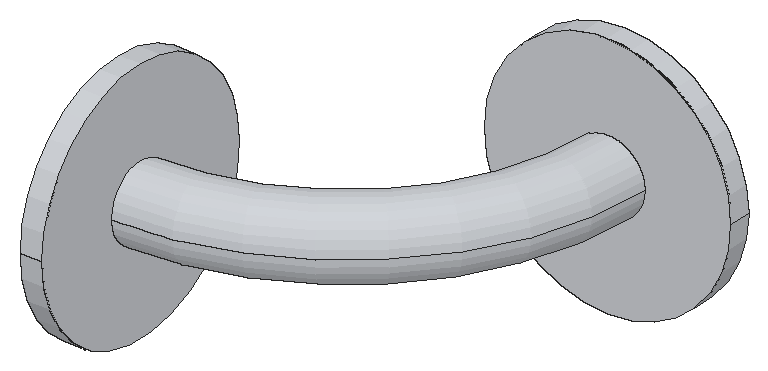
Revit family "dc6babf2318b42989188059af3309327", category Pipe Fittings, Revit 2021
Family settings
  Round Connector Dimension = Use Radius
  Part Type = Elbow
  OmniClass Number = 23.60.30.11.14
  OmniClass Title = Pipework Fittings
  Seek Item ID = Elbow Long Radius - Flanged - CS - Class 150-0000-USA-ENU
  Work Plane-Based = No
  Always vertical = Yes
  Cut with Voids When Loaded = No
  Shared = No
Parameters (values of type "Standard")
  Wall Thickness [instance] = size_lookup(Lookup Table Name, "WThk", 0.02 * Nominal Diameter + 45/256", Nominal Diameter)  # 0.15748"
  Loss Method = K Coefficient from Table
  Lookup Table Name = "Elbow Long Radius - Flanged - CS - Class 150"
  Length 5 [instance] = Length 1 * sin(Angle)  # 5"
  Length 4 [instance] = Length 1 + Length 1 * cos(Angle)  # 5"
  Tick Size [instance] = Flange Outside Diameter * 0.4  # 1.73228"
  Raised Face Thickness [instance] = 1/16"  # constant formula
  Raised Face Radius [instance] = Raised Face Diameter / 2  # 1"
  Raised Face Diameter [instance] = size_lookup(Lookup Table Name, "RFD", 1.1 * Nominal Diameter + 1 67/128", Nominal Diameter)  # 2"
  Length 3 [instance] = Flange and Raised Face Thickness - Raised Face Thickness  # 0.37795"
  K Coefficient Table = "Long Radius Flanged 45, 90 and 180 Elbow"
  Flange Thickness [instance] = size_lookup(Lookup Table Name, "FThk", 0.06 * Nominal Diameter + 63/128", Nominal Diameter)  # 0.37795"
  Fitting Outside Radius [instance] = Fitting Outside Diameter / 2  # 0.64961"
  Fitting Outside Diameter [instance] = Fitting Inside Diameter + Wall Thickness * 2  # 1.29921"
  Length 2 [instance] = (Fitting Outside Radius + 1/32") * tan(Angle / 2) + Flange and Raised Face Thickness  # 1.12131"
  Nominal Radius [instance] = 1/2"
  Nominal Diameter [instance] = Nominal Radius * 2  # 1"
  Fitting Inside Diameter [instance] = size_lookup(Lookup Table Name, "FID", 0.98 * Nominal Diameter + 23/256", Nominal Diameter)  # 0.98425"
  Length 1 [instance] = if(Center to Contact Surface > Fitting Outside Radius * tan(Angle / 2) + Flange and Raised Face Thickness, Center to Contact Surface, Length 2)  # 5"
  Default Elevation = 0' - 0"
  Center to Contact Surface [instance] = size_lookup(Lookup Table Name, "CtCS", 1.28 * Nominal Diameter + 3 231/256", Nominal Diameter)  # 5"
  Center Radius [instance] = (Length 1 - Flange and Raised Face Thickness) / tan(Angle / 2)  # 4.55955"
  Flange and Raised Face Thickness [instance] = Flange Thickness + Raised Face Thickness  # 0.44045"
  Flange Outside Radius [instance] = Flange Outside Diameter / 2  # 2.16535"
  Flange Outside Diameter [instance] = size_lookup(Lookup Table Name, "FOD", 1.23 * Nominal Diameter + 3 89/128", Nominal Diameter)  # 4.33071"
  Assembly Code = ""
  Angle [instance] = 90.00°
Reference planes (in)
  plane 1 "Center (Front/Back)": y = 0
  plane 2: z = 0
  plane 3 "Center (Left/Right)": x = 0
  plane 4: x = -4.55955
  plane 5: x = -5
  plane 6: y = 4.55955
  plane 7: y = 1.73228
  plane 8: y = -1.73228
  plane 9: x = -4.9375
  plane 10: y = 5
  plane 11: x = 0
Forms (in)
  Sweep 1, solid, detail levels fine
    path in 3D
      loop
        arc (-4.55955, 0, 0) -> (-1.33546, 1.33546, 0) -> (0, 4.55955, 0) r 4.55955
    profile origin (-1.33546, 1.33546, 0) x (-0.707107, 0.707107, 0) y (0, 0, 1)
      loop
        circle (0, 0) r 0.64961
  Sweep 2, solid, detail levels fine
    path in 3D
      loop
        line (-4.9375, 0, 0) -> (-4.55955, 0, 0)
    profile origin (-4.74852, 0, 0) x (0, 1, 0) y (0, 0, 1)
      loop
        circle (0, 0) r 2.16535
  Sweep 3, solid, detail levels fine
    path in 3D
      loop
        line (0, 4.55955, 0) -> (0, 4.9375, 0)
    profile origin (0, 4.74852, 0) x (-1, 0, 0) y (0, 0, 1)
      loop
        circle (0, 0) r 2.16535
  Sweep 4, solid, detail levels fine
    path in 3D
      loop
        line (-5, 0, 0) -> (-4.9375, 0, 0)
    profile origin (-4.96875, 0, 0) x (0, 1, 0) y (0, 0, 1)
      loop
        circle (0, 0) r 1
  Sweep 5, solid, detail levels fine
    path in 3D
      loop
        line (0, 5, 0) -> (0, 4.9375, 0)
    profile origin (0, 4.96875, 0) x (1, 0, 0) y (0, 0, 1)
      loop
        circle (0, 0) r 1
Cuts and joins
  joined: Sweep 1, Sweep 2, Sweep 3, Sweep 4, Sweep 5
Lines and regions (in)
  model lines, detail levels coarse+medium
    curve 1: line (-4.9375, 0, 0) -> (-4.55955, 0, 0)
    curve 2: arc (-4.55955, 0, 0) -> (-1.33546, 1.33546, 0) -> (0, 4.55955, 0) r 4.55955
    curve 3: line (0, 4.55955, 0) -> (0, 4.9375, 0)
    curve 8: line (-5, 0, 0) -> (-5, 1.73228, 0)
    curve 9: line (-5, 0, 0) -> (-5, -1.73228, 0)
    curve 10: line (-5, 0, 0) -> (-4.9375, 0, 0)
    curve 13: line (0, 5, 0) -> (-1.73228, 5, 0)
    curve 14: line (0, 5, 0) -> (1.73228, 5, 0)
    curve 15: line (0, 5, 0) -> (0, 4.9375, 0)
  sketch lines
    curve 4: arc (-4.55955, 0, 0) -> (-1.33546, 1.33546, 0) -> (0, 4.55955, 0) r 4.55955
    curve 5: line (-4.9375, 0, 0) -> (-4.55955, 0, 0)
    curve 6: line (0, 4.55955, 0) -> (0, 4.9375, 0)
    curve 11: line (-5, 0, 0) -> (-4.9375, 0, 0)
    curve 16: line (0, 5, 0) -> (0, 4.9375, 0)
  reference lines
    curve 7: line (-5, 0, 0) -> (-4.55955, 0, 0)
    curve 12: line (0, 5, 0) -> (0, 4.55955, 0)
Dimensions and locks (in)
  "Center Radius": plane 6 to plane 1 "Center (Front/Back)"
  "Flange and Raised Face Thickness": plane 5 to plane 4
  "Tick Size": plane 7 to plane 1 "Center (Front/Back)"
  "Tick Size": plane 8 to plane 1 "Center (Front/Back)"
  "Length 3": curve 3 to curve 3
  "Length 1": plane 5 to plane 3 "Center (Left/Right)"
  "Raised Face Thickness": plane 5 to plane 9
  "Length 5": plane 10 to plane 1 "Center (Front/Back)"
  "Length 4": plane 5 to plane 11
  "Tick Size": curve 13 to curve 13
  "Tick Size": curve 14 to curve 14
  "Raised Face Thickness": curve 15 to curve 15
  "Center Radius": radius of curve 2
  "Fitting Outside Radius": radius of Sweep 1 sketch curve
  "Flange Outside Radius": radius of Sweep 2 sketch curve
  "Flange Outside Radius": radius of Sweep 3 sketch curve
  "Raised Face Radius": radius of Sweep 4 sketch curve
  "Raised Face Radius": radius of Sweep 5 sketch curve
  "Angle": angle curve 2 to curve 2
  "Angle": angle plane 1 "Center (Front/Back)" to curve 3
  "Angle": angle plane 1 "Center (Front/Back)" to curve 12
  "Angle": angle plane 3 "Center (Left/Right)" to curve 13
  "Angle": angle plane 3 "Center (Left/Right)" to curve 14
  "Angle": angle plane 1 "Center (Front/Back)" to curve 15
  aligned and locked: plane 4 to curve 2
  aligned and locked: plane 5 to curve 7
  aligned and locked: plane 1 "Center (Front/Back)" to curve 7
  aligned and locked: plane 7 to curve 8
  aligned and locked: plane 1 "Center (Front/Back)" to curve 9
  aligned and locked: plane 8 to curve 9
  aligned and locked: plane 9 to curve 1
  aligned and locked: plane 5 to curve 10
  aligned and locked: plane 11 to curve 12
  aligned and locked: plane 10 to curve 12
  aligned and locked: plane 10 to curve 15
Automatic sketch dimensions
  Sweep 1 sketch curve to profile plane = 0' - 0"  (x2)
  Sweep 2 sketch curve to profile plane = 0' - 0"  (x2)
  Sweep 3 sketch curve to profile plane = 0' - 0"  (x2)
  Sweep 4 sketch curve to profile plane = 0' - 0"  (x2)
  Sweep 5 sketch curve to profile plane = 0' - 0"  (x2)
  curve 7 to plane 4 = 0' - 0"
Connectors (in)
  piping at (-5, 0, 0), diameter 1, driven by "Nominal Radius", driven by "Angle"
    settings: on cut or joined group of Sweep 1, Sweep 2, Sweep 3, Sweep 4, Sweep 5, index 1, connector inside diameter 1", connector length 0' - 0", flow factor 0, pipe flow 0 GPM, pressure drop 0.00 psi, fitting loss kfactor 0, connector angle 90.00°, fixture units 0, engagement length 0' - 0", angle of deflection 0.00°, flow configuration 0, flow direction 0, fitting loss method 0, system type 28, joint type 0, gender type 0, connector reference index 2, connector utility 0, adjustable connector no, is connector primary yes, connector description ""
  piping at (0, 5, 0), diameter 1, driven by "Nominal Radius", driven by "Angle"
    settings: on cut or joined group of Sweep 1, Sweep 2, Sweep 3, Sweep 4, Sweep 5, index 2, connector inside diameter 1", connector length 0' - 0", flow factor 0, pipe flow 0 GPM, pressure drop 0.00 psi, fitting loss kfactor 0, connector angle 90.00°, fixture units 0, engagement length 0' - 0", angle of deflection 0.00°, flow configuration 0, flow direction 0, fitting loss method 0, system type 28, joint type 0, gender type 0, connector reference index 1, connector utility 0, adjustable connector no, is connector primary no, connector description ""
